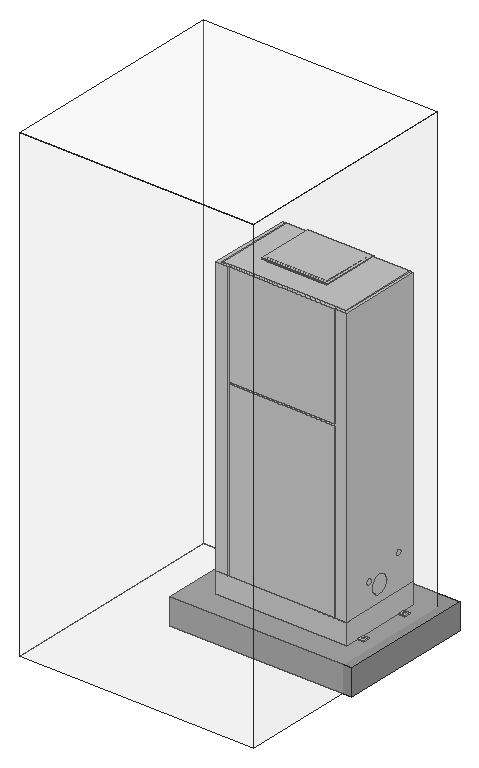
Revit family "pfav-p80_1600dmj1_50Hz.", category 機械設備, Revit 2019
Family settings
  丸型コネクタ寸法 = 直径を使用
  パーツ タイプ = 標準
  OmniClass 番号 = 23.75.10.24.21.27.27
  OmniClass タイトル = Split System Air Conditioning Units
  作業面ベース = いいえ
  常に垂直 = はい
  ロード時にボイドで切り取り = いいえ
  共有 = いいえ
  部屋計算ポイント = いいえ
Parameters (values of type "PFAV-P80DMJ1")
  風量（m3／min） = 27
  風量 = MAX風量  # 1620.0 m³/h
  音響パワーレベル(dB) = 61
  電源種別 = ""
  電圧_電気ヒーター = 0 V
  電圧 = 200 V
  電動機出力_送風機 = 1200 W
  電動機出力_圧縮機 = 0 W
  運転質量 = 0.00 kg
  連動 = ""
  質量 = if(製品質量 > 運転質量, 製品質量, 運転質量) * 1.2  # 145.20 kg
  負荷分類 = 3_ファン類
  説明 = "設備用パッケージエアコン 空冷床置形・冷暖兼用 ファシレアＤＤ"
  設計暖房能力 [instance] = 0 kW
  設計冷房能力_顕熱 [instance] = 0 kW
  設計冷房能力 [instance] = 0 kW
  設置方法 = "床置形"
  記号 [instance] = ""
  製造元 = "三菱電機株式会社"
  製品質量 = 121.00 kg
  製品出荷対象 = "国内"
  製品リリース年月 = "2017年4月18日"
  製品グループ = ""
  系統 [instance] = ""
  符号 = "PAC-FRV(J)"
  積算_科目 = "1 空気調和設備"
  積算_拾い区分 [instance] = ""
  相_電気ヒーター = 1
  相 = 3
  盤記号 [instance] = ""
  発停方法 = ""
  特殊仕様 [instance] = ""
  火災停止 = ""
  消費電力_電気ヒーター = 0 W
  消費電力_暖房 = 150 W
  消費電力_加湿器 = 0 W
  消費電力_冷房 = 150 W
  消費電力 = if(消費電力_冷房 > 消費電力_暖房, 消費電力_冷房, 消費電力_暖房) + 消費電力_加湿器 + 消費電力_電気ヒーター  # 150 W
  法定耐用年数 = "15"
  機械基礎質量 [instance] = 0.00 kg
  機械基礎_W = 0 mm
  機械基礎_H = 0 mm
  機械基礎_D = 0 mm
  機械基礎 [instance] = no
  機外静圧 = 30.0 Pa
  極数 = 3
  材質 [instance] = ""
  本体マテリアル = none
  有効加湿量 = 0
  最小電線太さ_mm2 = 1.6
  最大電流値 = 5 A
  暖房能力 = 8 kW
  推奨ブレーカー容量 = 15 A
  形式_加湿器 = ""
  形式 = "床置（露出）立形"
  形名 = PFAV-P-DMJ : PFAV-P80DMJ1
  幹線記号 [instance] = ""
  始動方式 = "直入"
  呼称 = "パッケージ形空気調和機_室内機"
  周波数 = 50 Hz
  台数_手元リモコン [instance] = ""
  台数_冷媒分岐ユニット [instance] = ""
  参照している仕様書等のバージョン = "公共建築工事標準仕様書（機械設備工事編）平成31年度版"
  加湿給水管径 = 27.00 mm
  分類コード = "50053003023020"
  分類グループ = ""
  冷房能力 = 7.1 kW
  冷媒高低圧ガス管径 = 0.00 mm
  冷媒管径符号 = "Bd"
  冷媒管径 = 100.00 mm
  冷媒液管径 = 9.52 mm
  冷媒ガス管径 = 15.88 mm
  価格 = 0
  企業コード = "108420"
  付属品_フィルター = ""
  付属品 [instance] = ""
  仕様書バージョン = "Version1.0"
  モデル = "PFAV-P80DMJ1"
  ドレン管径 = 34.00 mm
  ダクト高 = 334 mm
  ダクト幅 = 383 mm
  サービススペース = yes
  コメント [instance] = ""
  Keynote = ""
  Width = 760 mm
  Version = ""
  Uniclass2015Version = "Systems v1.9"
  Uniclass2015Title = "Split coil remote air cooled condensing units"
  Uniclass2015Code = "Pr_70_65_03_84"
  URL = "https://www.mitsubishielectric.co.jp/ldg/wink/ssl/displayProduct.do?pid=278603"
  S寸法 = 150 mm
  SpecificationReference = ""
  SpecificationDescription = ""
  Revision = ""
  ProductInformation = ""
  OmniClassCode = "23-33 17 13 11"
  MAX風量 = 風量（m3／min） * 60.0 m³/h  # 1620.0 m³/h
  IfcTypeProduct = ""
  IfcProduct = ""
  IfcExportType = "AIRCONDITIONINGUNIT"
  IfcExportAs = "IfcUnitaryEquipmentType"
  Height = 1730 mm
  Depth = 485 mm
  Clearance Top = 1000 mm
  Clearance Right = 100 mm
  Clearance Left = 500 mm
  Clearance Front = 800 mm
  Clearance Back = 50 mm
  COP = 0
  Author = "三菱電機株式会社"
  APF = 0
Types (11, lengths in mm): name | 風量（m3／min） | 風量 | 音響パワーレベル(dB) | 電動機出力_送風機 | 質量 | 製品質量 | 消費電力_暖房 | 消費電力_冷房 | 消費電力 | 最小電線太さ_mm2 | 最大電流値 | 暖房能力 | 推奨ブレーカー容量 | 形名 | 冷房能力 | 冷媒管径符号 | 冷媒液管径 | 冷媒ガス管径 | モデル | ドレン管径 | ダクト高 | ダクト幅 | Width | URL | MAX風量 | Height | Depth | Clearance Left | Clearance Front
  PFAV-P80DMJ1 | 27 | 1620.0 m³/h | 61 | 1200 W | 145.20 kg | 121.00 kg | 150 W | 150 W | 150 W | 1.6 | 5 A | 8 kW | 15 A | PFAV-P-DMJ : PFAV-P80DMJ1 | 7.1 kW | "Bd" | 9.52 | 15.88 | "PFAV-P80DMJ1" | 34.00 | 334 | 383 | 760 | "https://www.mitsubishielectric.co.jp/ldg/wink/ssl/displayProduct.do?pid=278603" | 1620.0 m³/h | 1730 | 485 | 500 | 800
  PFAV-P280DMJ1 | 90 | 5400.0 m³/h | 76 | 1200 W | 168.00 kg | 140.00 kg | 1150 W | 1150 W | 1150 W | 1.6 | 5.8 A | 28 kW | 15 A | PFAV-P-DMJ : PFAV-P280DMJ1 | 25 kW | "Bf" | 9.52 | 22.20 | "PFAV-P280DMJ1" | 34.00 | 334 | 715 | 980 | "https://www.mitsubishielectric.co.jp/ldg/wink/ssl/displayProduct.do?pid=278614" | 5400.0 m³/h | 1730 | 485 | 500 | 800
  PFAV-P450DMJ1 | 140 | 8400.0 m³/h | 75 | 2400 W | 288.00 kg | 240.00 kg | 1310 W | 1310 W | 1310 W | 1.6 | 9.7 A | 45 kW | 15 A | PFAV-P-DMJ : PFAV-P450DMJ1 | 40 kW | "Dh" | 15.88 | 28.58 | "PFAV-P450DMJ1" | 34.00 | 489 | 1046 | 1200 | "https://www.mitsubishielectric.co.jp/ldg/wink/ssl/displayProduct.do?pid=278602" | 8400.0 m³/h | 1897 | 635 | 100 | 1000
  PFAV-P140DMJ1 | 45 | 2700.0 m³/h | 68 | 1200 W | 163.20 kg | 136.00 kg | 410 W | 410 W | 410 W | 1.6 | 5 A | 14 kW | 15 A | PFAV-P-DMJ : PFAV-P140DMJ1 | 12.5 kW | "Bd" | 9.52 | 15.88 | "PFAV-P140DMJ1" | 34.00 | 334 | 383 | 760 | "https://www.mitsubishielectric.co.jp/ldg/wink/ssl/displayProduct.do?pid=278604" | 2700.0 m³/h | 1730 | 485 | 500 | 800
  PFAV-P224DMJ1 | 65 | 3900.0 m³/h | 68 | 1200 W | 163.20 kg | 136.00 kg | 510 W | 510 W | 510 W | 1.6 | 5.8 A | 22.4 kW | 15 A | PFAV-P-DMJ : PFAV-P224DMJ1 | 20 kW | "Be" | 9.52 | 19.05 | "PFAV-P224DMJ1" | 34.00 | 334 | 715 | 980 | "https://www.mitsubishielectric.co.jp/ldg/wink/ssl/displayProduct.do?pid=278605" | 3900.0 m³/h | 1730 | 485 | 500 | 800
  PFAV-P560DMJ1 | 165 | 9900.0 m³/h | 78 | 2400 W | 288.00 kg | 240.00 kg | 1690 W | 1690 W | 1690 W | 1.6 | 9.7 A | 56 kW | 15 A | PFAV-P-DMJ : PFAV-P560DMJ1 | 50 kW | "Dh" | 15.88 | 28.58 | "PFAV-P560DMJ1" | 34.00 | 489 | 1046 | 1200 | "https://www.mitsubishielectric.co.jp/ldg/wink/ssl/displayProduct.do?pid=278590" | 9900.0 m³/h | 1897 | 635 | 100 | 1000
  PFAV-P670DMJ1 | 210 | 12600.0 m³/h | 77 | 7500 W | 501.60 kg | 418.00 kg | 2140 W | 2140 W | 2140 W | 5.5 | 21 A | 63 kW | 40 A | PFAV-P-DMJ : PFAV-P670DMJ1 | 63 kW | "Dh" | 15.88 | 28.58 | "PFAV-P670DMJ1" | 42.70 | 484 | 677 | 1750 | "https://www.mitsubishielectric.co.jp/ldg/wink/ssl/displayProduct.do?pid=278616" | 12600.0 m³/h | 1830 | 1064 | 100 | 1000
  PFAV-P800DMJ1 | 260 | 15600.0 m³/h | 82 | 7500 W | 508.80 kg | 424.00 kg | 3640 W | 3640 W | 3640 W | 5.5 | 21 A | 80 kW | 40 A | PFAV-P-DMJ : PFAV-P800DMJ1 | 71 kW | "Ei" | 19.05 | 31.75 | "PFAV-P800DMJ1" | 42.70 | 484 | 677 | 1750 | "https://www.mitsubishielectric.co.jp/ldg/wink/ssl/displayProduct.do?pid=278592" | 15600.0 m³/h | 1830 | 1064 | 100 | 1000
  PFAV-P1120DMJ1 | 340 | 20400.0 m³/h | 85 | 11000 W | 567.60 kg | 473.00 kg | 5960 W | 5960 W | 5960 W | 8 | 32.4 A | 112 kW | 50 A | PFAV-P-DMJ : PFAV-P1120DMJ1 | 100 kW | "Ek" | 19.05 | 38.10 | "PFAV-P1120DMJ1" | 42.70 | 484 | 677 | 1750 | "https://www.mitsubishielectric.co.jp/ldg/wink/ssl/displayProduct.do?pid=278593" | 20400.0 m³/h | 1830 | 1064 | 100 | 1000
  PFAV-P1400DMJ1 | 450 | 27000.0 m³/h | 77 | 15000 W | 778.80 kg | 649.00 kg | 6090 W | 6090 W | 6090 W | 14 | 42 A | 140 kW | 75 A | PFAV-P-DMJ : PFAV-P1400DMJ1 | 122 kW | "Ek" | 19.05 | 38.10 | "PFAV-P1400DMJ1" | 42.70 | 520 | 1806 | 2045 | "https://www.mitsubishielectric.co.jp/ldg/wink/ssl/displayProduct.do?pid=278594" | 27000.0 m³/h | 1830 | 1064 | 100 | 1000
  PFAV-P1600DMJ1 | 520 | 31200.0 m³/h | 79 | 22000 W | 866.40 kg | 722.00 kg | 8420 W | 8420 W | 8420 W | 22 | 64.8 A | 160 kW | 75 A | PFAV-P-DMJ : PFAV-P1600DMJ1 | 140 kW | "Ei" | 19.05 | 31.75 | "PFAV-P1600DMJ1" | 42.70 | 520 | 1806 | 2045 | "https://www.mitsubishielectric.co.jp/ldg/wink/ssl/displayProduct.do?pid=278595" | 31200.0 m³/h | 1830 | 1064 | 100 | 1000
Reference planes
  plane 1: z = 0
  plane 2: z = 1730
  plane 3: z = 0
  plane 4: z = 2730
  plane 5 "中心(正面/背面)": y = -242.5
  plane 6 "中心(左/右)": x = 0
  plane 7 "左": x = -380
  plane 8 "右": x = 380
  plane 9 "正面": y = -485
  plane 10 "背面": y = 0
  plane 11: y = 150
  plane 12: x = -530
  plane 13: y = -635
  plane 14: y = 50
  plane 15: y = -1285
  plane 16: x = -880
  plane 17: x = 480
  plane 18: x = 530
Dimensions and locks
  "Height": plane 2 to plane 3
  "Clearance Top": plane 4 to plane 2
  "機械基礎_H": plane 3 to plane 1
  equal spacing: plane 7 "左", plane 6 "中心(左/右)", plane 8 "右"
  "Width": plane 7 "左" to plane 8 "右"
  equal spacing: plane 9 "正面", plane 5 "中心(正面/背面)", plane 10 "背面"
  "Depth": plane 9 "正面" to plane 10 "背面"
  "S寸法": plane 10 "背面" to plane 11
  "S寸法": plane 13 to plane 9 "正面"
  "S寸法": plane 12 to plane 7 "左"
  "Clearance Left": plane 16 to plane 7 "左"
  "Clearance Right": plane 8 "右" to plane 17
  "Clearance Front": plane 15 to plane 9 "正面"
  "Clearance Back": plane 10 "背面" to plane 14
  "S寸法": plane 8 "右" to plane 18
  aligned and locked: level to plane 1
  aligned and locked: plane 13 to nested 1
  aligned and locked: plane 12 to nested 1
  aligned and locked: plane 11 to nested 1
  aligned and locked: plane 17 to nested 2
  aligned and locked: plane 15 to nested 2
  aligned and locked: nested 2 to plane 16
  aligned and locked: nested 2 to plane 14
  aligned and locked: plane 18 to nested 1
  aligned and locked: plane 4 to nested 2
  aligned and locked: plane 6 "中心(左/右)" to nested 3
  aligned and locked: plane 5 "中心(正面/背面)" to nested 3
Nested families
  nested 1: "機械基礎" at (0, -242.5, 0), type "機械基礎", detail levels fine
    with 機械基礎質量 184.68 kg, 機械基礎_W 1060 mm, 機械基礎_H 150 mm, 機械基礎_D 785 mm
  nested 2: "サービススペース(PFAV-P-DMJ)" at (-200, -617.5, 1365), visible <- "サービススペース", type "サービススペース(PFAV-P-DMJ)"
    with Width 1360 mm, Height 2730 mm, Depth 1335 mm
  nested 3: "PFAV-P-DMJ" at (0, -242.5, 150), type <- "形名", マテリアル1 <- "本体マテリアル", type "PFAV-P80DMJ1"
    with 表示 yes, マテリアル2 none, マテリアル1 none
Connectors
  hvac at (-27.5, -186, 1900), driven by "ダクト幅", driven by "ダクト高", driven by "機外静圧", driven by "風量"
    settings: on nested 3, index 1, duct flow 1620.0 m³/h, flow factor 0, pres drop 30.0 Pa, loss coef 0, conn angle 0.00°, conn width 334 mm, conn height 383 mm, conn diameter 609.6 mm, duct sys type 1, conn prof type 1, flow config 1, flow direction 2, loss method 4, conn ref index -1, conn util no, is conn primary yes, conn desc ""
  piping at (383, -249, 367), diameter 100, driven by "冷媒管径", driven by "冷媒管径符号"
    settings: on nested 3, index 2, connector inside diameter 609.60 mm, connector length 0 mm, flow factor 0, pipe flow 0.0 L/s, pressure drop 0.0 Pa, fitting loss kfactor 0, connector angle 0.00°, fixture units 0, engagement length 0 mm, angle of deflection 0.00°, flow configuration 1, flow direction 1, fitting loss method 4, system type 7, joint type 0, gender type 0, connector reference index -1, connector utility 0, adjustable connector no, is connector primary yes, connector description "Bd"
  electrical at (383, -326, 412), driven by "極数", driven by "負荷分類", driven by "電圧", driven by "消費電力"
    settings: on nested 3, index 3, voltage 200 V, apparent load 150 VA, apparent load phase1 0 VA, apparent load phase2 0 VA, apparent load phase3 0 VA, power factor 1, load classification "3_ファン類", number of poles 3, system type 30, power factor state 1, is connector primary yes, connector utility no, sub classification motor no, connector description ""
  piping at (383, -111, 472), diameter 27, driven by "加湿給水管径"
    settings: on nested 3, index 4, connector inside diameter 609.60 mm, connector length 0 mm, flow factor 0, pipe flow 0.0 L/s, pressure drop 0.0 Pa, fitting loss kfactor 0, connector angle 0.00°, fixture units 0, engagement length 0 mm, angle of deflection 0.00°, flow configuration 1, flow direction 1, fitting loss method 4, system type 20, joint type 0, gender type 0, connector reference index -1, connector utility 0, adjustable connector no, is connector primary no, connector description ""
Definition of nested family "機械基礎"
  Parameters (values of type "機械基礎")
    機械基礎質量 [instance] = 0.00 kg
    機械基礎_W [instance] = 1300 mm
    機械基礎_H [instance] = 150 mm
    機械基礎_D [instance] = 1300 mm
  Reference planes
    plane 1 "中心(正面/背面)": y = 0
    plane 2: z = 0
    plane 3 "中心(左/右)": x = 0
    plane 4: x = -650
    plane 5: y = -650
    plane 6: x = 650
    plane 7: y = 650
    plane 8: z = 150
  Forms (mm)
    Extrusion 1, solid, detail levels fine
      sketch origin (0, 0, 0) x (1, 0, 0) y (0, 1, 0)
        loop
          line (-650, -650) -> (650, -650) -> (650, 650) -> (-650, 650) -> (-650, -650)
      from 0 to 150
  Lines and regions (mm)
    symbolic lines, detail levels fine
      curve 1: line (-650, 650, 0) -> (650, 650, 0)
      curve 2: line (-650, -650, 0) -> (-650, 650, 0)
      curve 3: line (650, -650, 0) -> (-650, -650, 0)
      curve 4: line (650, 650, 0) -> (650, -650, 0)
    symbolic lines
      curve 5: line (-650, 0, 150) -> (650, 0, 150)
      curve 6: line (-650, 0, 0) -> (-650, 0, 150)
      curve 7: line (650, 0, 0) -> (-650, 0, 0)
      curve 8: line (650, 0, 150) -> (650, 0, 0)
      curve 9: line (0, -650, 150) -> (0, 650, 150)
      curve 10: line (0, -650, 0) -> (0, -650, 150)
      curve 11: line (0, 650, 0) -> (0, -650, 0)
      curve 12: line (0, 650, 150) -> (0, 650, 0)
  Dimensions and locks
    "機械基礎_H": plane 8 to plane 2
    "機械基礎_W": plane 4 to plane 6
    "機械基礎_D": plane 5 to plane 7
    equal spacing: plane 5, plane 1 "中心(正面/背面)", plane 7
    equal spacing: plane 4, plane 3 "中心(左/右)", plane 6
    aligned and locked: plane 6 to Extrusion 1
    aligned and locked: Extrusion 1 to plane 4
    aligned and locked: Extrusion 1 to plane 7
    aligned and locked: Extrusion 1 to plane 5
    aligned and locked: plane 8 to Extrusion 1
    aligned and locked: curve 1 to Extrusion 1
    aligned and locked: curve 2 to Extrusion 1
    aligned and locked: curve 3 to Extrusion 1
    aligned and locked: curve 4 to Extrusion 1
    aligned and locked: curve 5 to Extrusion 1
    aligned and locked: curve 6 to Extrusion 1
    aligned and locked: curve 7 to Extrusion 1
    aligned and locked: curve 8 to Extrusion 1
    aligned and locked: curve 9 to Extrusion 1
    aligned and locked: curve 10 to Extrusion 1
    aligned and locked: curve 11 to Extrusion 1
    aligned and locked: curve 12 to Extrusion 1
  Automatic sketch dimensions
    Extrusion 1 sketch curve to plane 4 = 0 mm
    Extrusion 1 sketch curve to plane 6 = 0 mm
    plane 5 to Extrusion 1 sketch curve = 0 mm
    plane 7 to Extrusion 1 sketch curve = 0 mm
Definition of nested family "サービススペース(PFAV-P-DMJ)"
  Parameters (values of type "サービススペース")
    Width [instance] = 500 mm
    Height [instance] = 500 mm
    Depth [instance] = 500 mm
  Reference planes
    plane 1 "中心(正面/背面)": y = 0
    plane 2: z = 0
    plane 3 "中心(左/右)": x = 0
    plane 4: y = -250
    plane 5: x = 250
    plane 6: y = 250
    plane 7: x = -250
    plane 8: z = 250
    plane 9: z = -250
  Forms (mm)
    Extrusion 1, solid
      sketch origin (-638.939, 0, 72.39) x (1, 0, 0) y (0, 1, 0)
        loop
          line (388.939, 250) -> (388.939, -250) -> (888.939, -250) -> (888.939, 250) -> (388.939, 250)
      from -322.39 to 177.61
  Lines and regions (mm)
    symbolic lines
      curve 1: line (-250, 0, 250) -> (250, 0, 250)
      curve 2: line (-250, 0, -250) -> (-250, 0, 250)
      curve 3: line (250, 0, -250) -> (-250, 0, -250)
      curve 4: line (250, 0, 250) -> (250, 0, -250)
      curve 5: line (0, -250, 250) -> (0, 250, 250)
      curve 6: line (0, -250, -250) -> (0, -250, 250)
      curve 7: line (0, 250, -250) -> (0, -250, -250)
      curve 8: line (0, 250, 250) -> (0, 250, -250)
      curve 9: line (-250, 250, 0) -> (250, 250, 0)
      curve 10: line (-250, -250, 0) -> (-250, 250, 0)
      curve 11: line (250, -250, 0) -> (-250, -250, 0)
      curve 12: line (250, 250, 0) -> (250, -250, 0)
  Dimensions and locks
    equal spacing: plane 7, plane 3 "中心(左/右)", plane 5
    equal spacing: plane 4, plane 1 "中心(正面/背面)", plane 6
    "Depth": plane 4 to plane 6
    "Width": plane 7 to plane 5
    equal spacing: plane 8, plane 2, plane 9
    "Height": plane 8 to plane 9
    aligned and locked: plane 9 to curve 3
    aligned and locked: plane 7 to curve 2
    aligned and locked: curve 4 to plane 5
    aligned and locked: plane 5 to Extrusion 1
    aligned and locked: Extrusion 1 to plane 7
    aligned and locked: Extrusion 1 to plane 9
    aligned and locked: plane 8 to Extrusion 1
    aligned and locked: plane 9 to curve 7
  Automatic sketch dimensions
    plane 4 to Extrusion 1 sketch curve = 0 mm
    Extrusion 1 sketch curve to plane 7 = 0 mm
    Extrusion 1 sketch curve to plane 5 = 0 mm
    plane 6 to Extrusion 1 sketch curve = 0 mm
    curve 2 to plane 8 = 0 mm
    plane 4 to curve 11 = 0 mm
    curve 11 to plane 7 = 0 mm
    curve 11 to plane 5 = 0 mm
    plane 6 to curve 10 = 0 mm
    curve 7 to plane 4 = 0 mm
    curve 7 to plane 6 = 0 mm
    curve 6 to plane 8 = 0 mm
Definition of nested family "PFAV-P-DMJ"
  Parameters (values of type "PFAV-P80DMJ1")
    液径 = 9.52 mm
    液-W = 0 mm
    液-H = 172 mm
    液-D = 249 mm
    ドレン② = no
    ドレン① = yes
    ①高 = 1730 mm
    電源径 = 27 mm
    電源-W = 0 mm
    電源-H = 262 mm
    電源-D = 326 mm
    表示 [instance] = yes
    ①幅 = 760 mm
    ①奥行 = 485 mm
    吊りボルト径 = 12 mm
    吊りボルト-W = 806 mm
    吊りボルト-D = 300 mm
    吊りボルト-H = 0 mm
    加湿給水管径 = 27 mm
    加湿給水-W = 0 mm
    加湿給水-H = 322 mm
    加湿給水-D = 111 mm
    冷媒径 = 100 mm
    ガス径 = 15.88 mm
    ガス-W = 0 mm
    ガス-H = 262 mm
    ガス-D = 249 mm
    マテリアル2 [instance] = none
    マテリアル1 [instance] = none
    ドレン径 = 34 mm
    ドレン-W = 200 mm
    ドレン-H = 54 mm
    ドレン-D = 240 mm
    w = 343 mm
    h = 20 mm
    e = 600 mm
    c = 10 mm
    d = 294 mm
    b = 216 mm
    a = 19 mm
  Types (11, lengths in mm): name | 液径 | 液-H | 液-D | ドレン② | ドレン① | ①高 | 電源-H | 電源-D | ①幅 | ①奥行 | 吊りボルト-W | 吊りボルト-D | 加湿給水-H | 加湿給水-D | ガス径 | ガス-H | ガス-D | ドレン-W | ドレン-H | ドレン-D | w | h | c | d | b | a
    PFAV-P80DMJ1 | 9.52 | 172 | 249 | no | yes | 1730 | 262 | 326 | 760 | 485 | 806 | 300 | 322 | 111 | 15.88 | 262 | 249 | 200 | 54 | 240 | 343 | 20 | 10 | 294 | 216 | 19
    PFAV-P140DMJ1 | 9.52 | 172 | 249 | no | yes | 1730 | 262 | 326 | 760 | 485 | 806 | 300 | 322 | 111 | 15.88 | 262 | 249 | 200 | 54 | 240 | 343 | 20 | 10 | 294 | 216 | 19
    PFAV-P224DMJ1 | 9.52 | 172 | 249 | no | yes | 1730 | 262 | 326 | 980 | 485 | 1026 | 300 | 322 | 111 | 19.05 | 262 | 249 | 200 | 54 | 240 | 675 | 20 | 10 | 294 | 171 | 22
    PFAV-P280DMJ1 | 9.52 | 172 | 249 | no | yes | 1730 | 262 | 326 | 980 | 485 | 1026 | 300 | 322 | 111 | 19.05 | 262 | 249 | 200 | 54 | 240 | 675 | 20 | 10 | 294 | 171 | 22
    PFAV-P450DMJ1 | 12.7 | 203 | 254 | no | yes | 1897 | 249 | 475 | 1200 | 635 | 1246 | 440 | 249 | 321 | 28.58 | 209 | 128 | 200 | 64 | 314 | 1006 | 3 | 10 | 449 | 77 | 24
    PFAV-P560DMJ1 | 12.7 | 203 | 254 | no | yes | 1897 | 249 | 475 | 1200 | 635 | 1246 | 440 | 249 | 321 | 28.58 | 209 | 128 | 200 | 64 | 314 | 1006 | 3 | 10 | 449 | 77 | 24
    PFAV-P670DMJ1 | 15.88 | 255 | 408 | yes | no | 1830 | 249 | 475 | 1750 | 1064 | 1806 | 931 | 260 | 649 | 28.58 | 215 | 313 | 875 | 40 | 314 | 637 | 30 | 3 | 444 | 77 | 24
    PFAV-P800DMJ1 | 19.05 | 255 | 408 | yes | no | 1830 | 249 | 475 | 1750 | 1064 | 1806 | 931 | 260 | 649 | 31.75 | 215 | 313 | 875 | 40 | 314 | 637 | 30 | 3 | 444 | 77 | 24
    PFAV-P1120DMJ1 | 19.05 | 255 | 408 | yes | no | 1830 | 249 | 475 | 1750 | 1064 | 1806 | 931 | 260 | 649 | 38.1 | 215 | 313 | 875 | 40 | 314 | 637 | 30 | 3 | 444 | 77 | 24
    PFAV-P1400DMJ1 | 19.05 | 255 | 218 | yes | no | 1830 | 249 | 475 | 2045 | 1064 | 2101 | 931 | 260 | 649 | 38.1 | 245 | 123 | 1023 | 40 | 314 | 1766 | 30 | 3 | 480 | 77 | 24
    PFAV-P1600DMJ1 | 19.05 | 255 | 218 | yes | no | 1830 | 249 | 475 | 2045 | 1064 | 2101 | 931 | 260 | 649 | 31.75 | 245 | 123 | 1023 | 40 | 314 | 1766 | 30 | 3 | 480 | 77 | 24
  Reference planes
    plane 1 "中心(正面/背面)": y = 0
    plane 2: z = 0
    plane 3 "中心(左/右)": x = 0
    plane 4: x = 380
    plane 5: x = -380
    plane 6: y = 242.5
    plane 7: y = -242.5
    plane 8: z = 1750
    plane 9: z = 1130
    plane 10: z = 1730
    plane 11: z = 120
    plane 12: y = 150
    plane 13: y = -150
    plane 14: x = 403
    plane 15: x = -403
    plane 16: y = 223.5
    plane 17: y = -162.5
    plane 18: z = 54
    plane 19: z = 262
    plane 20: y = -6.5
    plane 21: z = 172
    plane 22: z = 262
    plane 23: z = 1748
    plane 24: y = -6.5
    plane 25: x = 360
    plane 26: x = -360
    plane 27: z = 1120
    plane 28: y = -222.5
    plane 29: x = -310
    plane 30: x = 310
    plane 31: y = -239.5
    plane 32: x = 420
    plane 33: x = -420
    plane 34: y = 170
    plane 35: y = 130
    plane 36: y = -130
    plane 37: y = -170
    plane 38: y = 203.5
    plane 39: z = 5
    plane 40: x = 164
    plane 41: x = 144
    plane 42: x = -199
    plane 43: x = -219
    plane 44: y = -110.5
    plane 45: y = -90.5
    plane 46: y = 2.5
    plane 47: y = -83.5
    plane 48: x = 383
    plane 49: y = -6.5
    plane 50: z = 217
    plane 51: y = 131.5
    plane 52: z = 322
    plane 53: x = -381
    plane 54: y = 243.5
    plane 55: x = 180
  Forms (mm)
    Extrusion 1, solid, material <- "マテリアル1", visible <- "表示", detail levels fine
      sketch origin (0, 0, -400) x (1, 0, 0) y (0, 1, 0)
        loop
          line (310, -222.5) -> (-310, -222.5) -> (-310, -239.5) -> (310, -239.5) -> (310, -222.5)
      from 1530 to 2130
    Extrusion 2, solid, material <- "マテリアル1", visible <- "表示", detail levels fine
      sketch origin (0, 0, -800) x (1, 0, 0) y (0, 1, 0)
        loop
          line (-310, -239.5) -> (310, -239.5) -> (310, -222.5) -> (-310, -222.5) -> (-310, -239.5)
      from 920 to 1920
    Extrusion 3, solid, material <- "マテリアル2", visible <- "表示", detail levels fine
      sketch origin (0, 0, 0) x (1, 0, 0) y (0, 1, 0)
        loop
          line (380, 170) -> (380, 130) -> (420, 130) -> (420, 170) -> (380, 170)
        loop
          line (380, -130) -> (380, -170) -> (420, -170) -> (420, -130) -> (380, -130)
        loop
          line (-420, 170) -> (-420, 130) -> (-380, 130) -> (-380, 170) -> (-420, 170)
        loop
          line (-420, -130) -> (-420, -170) -> (-380, -170) -> (-380, -130) -> (-420, -130)
        loop
          circle (-403, 150) r 6
        loop
          circle (403, 150) r 6
        loop
          circle (403, -150) r 6
        loop
          circle (-403, -150) r 6
      from 0 to 5
    Extrusion 4, solid, material <- "マテリアル2", visible <- "表示", detail levels fine
      sketch origin (0, -1140, 0) x (0, -1, 0) y (1, 0, 0)
        loop
          line (-1343.5, 144) -> (-1343.5, -199) -> (-1049.5, -199) -> (-1049.5, 144) -> (-1343.5, 144)
      from 1730 to 1748
    Extrusion 5, solid, material <- "マテリアル2", visible <- "表示", detail levels fine
      sketch origin (0, -1140, -430) x (0, -1, 0) y (1, 0, 0)
        loop
          line (-1363.5, 164) -> (-1363.5, -219) -> (-1029.5, -219) -> (-1029.5, 164) -> (-1363.5, 164)
      from 2178 to 2180
    Extrusion 6, solid, material <- "マテリアル1", visible <- "表示", detail levels fine
      sketch origin (-1437.329, -1524, 1750) x (-1, 0, 0) y (0, -1, 0)
        loop
          line (-1057.329, -1766.5) -> (-1057.329, -1281.5) -> (-1127.329, -1281.5) -> (-1127.329, -1301.5) -> (-1077.329, -1301.5) -> (-1077.329, -1766.5) -> (-1057.329, -1766.5)
        loop
          line (-1797.329, -1766.5) -> (-1797.329, -1301.5) -> (-1747.329, -1301.5) -> (-1747.329, -1281.5) -> (-1817.329, -1281.5) -> (-1817.329, -1766.5) -> (-1797.329, -1766.5)
      from -1630 to -20
    Extrusion 7, solid, material <- "マテリアル1", visible <- "表示", detail levels fine
      sketch origin (-1437.329, -1524, 1750) x (-1, 0, 0) y (0, -1, 0)
        loop
          line (-1797.329, -1766.5) -> (-1077.329, -1766.5) -> (-1077.329, -1301.5) -> (-1797.329, -1301.5) -> (-1797.329, -1766.5)
      from -1630 to -20
    Extrusion 8, solid, material <- "マテリアル2", visible <- "表示", detail levels fine
      sketch origin (-1437.329, -1524, 1750) x (-1, 0, 0) y (0, -1, 0)
        loop
          line (-1057.329, -1766.5) -> (-1057.329, -1281.5) -> (-1817.329, -1281.5) -> (-1817.329, -1766.5) -> (-1057.329, -1766.5)
      from -1750 to -1630
    Extrusion 9, solid, material <- "マテリアル2", visible <- "表示", detail levels fine
      sketch origin (380, 1296.25, 1200) x (0, 1, 0) y (0, 0, 1)
        loop
          circle (-1379.75, -938) r 13.5
        loop
          circle (-1164.75, -878) r 13.5
      from 0 to 3
    Extrusion 10, solid, material <- "マテリアル1", visible <- "表示", detail levels fine
      sketch origin (380, 1296.25, 1200) x (0, 1, 0) y (0, 0, 1)
        loop
          circle (-1302.75, -983) r 50
      from 0 to 3
    Extrusion 11, solid, material <- "マテリアル1", visible <- "ドレン①", detail levels fine
      sketch origin (-380, 1296.25, 1200) x (0, 1, 0) y (0, 0, 1)
        loop
          circle (-1293.75, -1146) r 17
      from -1 to 0
    Extrusion 12, solid, material <- "マテリアル1", visible <- "ドレン②", detail levels fine
      sketch origin (1480.036, -239.5, 2000) x (1, 0, 0) y (0, 0, 1)
        loop
          circle (-1300.036, -1946) r 17
      from -483 to -482
  Lines and regions (mm)
    Masking region 1, visible <- "表示", detail levels coarse+medium
      outline origin (0, 0, 0) x (1, 0, 0) y (0, 1, 0)
        loop
          line (-380, 242.5) -> (-380, -242.5) -> (380, -242.5) -> (380, 242.5) -> (-380, 242.5)
    symbolic lines, visible <- "表示"
      curve 1: line (-380, 242.5, 1750) -> (-380, -242.5, 1750)
      curve 2: line (-380, -242.5, 1750) -> (380, -242.5, 1750)
      curve 3: line (380, -242.5, 1750) -> (380, 242.5, 1750)
      curve 4: line (380, 242.5, 1750) -> (-380, 242.5, 1750)
      curve 5: line (-219, 223.5, 1750) -> (-219, -110.5, 1750)
      curve 6: line (-219, -110.5, 1750) -> (164, -110.5, 1750)
      curve 7: line (164, -110.5, 1750) -> (164, 223.5, 1750)
      curve 8: line (164, 223.5, 1750) -> (-219, 223.5, 1750)
  Dimensions and locks
    equal spacing: plane 7, plane 1 "中心(正面/背面)", plane 6
    "①奥行": plane 7 to plane 6
    equal spacing: plane 5, plane 3 "中心(左/右)", plane 4
    "①幅": plane 5 to plane 4
    locked: plane 11 to level at 120
    equal spacing: plane 13, plane 1 "中心(正面/背面)", plane 12
    "吊りボルト-D": plane 13 to plane 12
    equal spacing: plane 15, plane 3 "中心(左/右)", plane 14
    "吊りボルト-W": plane 15 to plane 14
    "a": plane 16 to plane 6
    locked: plane 7 to plane 17 at 80
    "ドレン-H": plane 18 to level
    "電源-H": plane 19 to level
    "液-H": plane 21 to level
    "e": plane 10 to plane 9
    "ガス-H": plane 22 to level
    "h": plane 8 to plane 10
    locked: plane 8 to plane 23 at 2
    locked: plane 5 to plane 26 at 20
    locked: plane 25 to plane 4 at 20
    "c": plane 9 to plane 27
    locked: plane 7 to plane 28 at 20
    locked: plane 26 to plane 29 at 50
    locked: plane 30 to plane 25 at 50
    locked: plane 7 to plane 31 at 3
    locked: plane 33 to plane 5 at 40
    locked: plane 4 to plane 32 at 40
    plane 37 to plane 13 to plane 36 = 20 mm locked, 20 mm locked
    plane 35 to plane 12 to plane 34 = 20 mm locked, 20 mm locked
    locked: plane 38 to plane 16 at 20
    locked: plane 39 to level at 5
    "b": plane 40 to plane 4
    locked: plane 43 to plane 42 at 20
    locked: plane 41 to plane 40 at 20
    "w": plane 42 to plane 41
    locked: plane 44 to plane 45 at 20
    "d": plane 45 to plane 38
    "①高": plane 10 to level
    "液-D": plane 20 to plane 6
    "ガス-D": plane 24 to plane 6
    "ドレン-D": plane 46 to plane 6
    "電源-D": plane 47 to plane 6
    locked: plane 4 to plane 48 at 3
    equal spacing: plane 20, plane 49, plane 24
    equal spacing: plane 22, plane 50, plane 21
    "加湿給水-D": plane 51 to plane 6
    "加湿給水-H": plane 52 to level
    locked: plane 53 to plane 5 at 1
    locked: plane 6 to plane 54 at 1
    "ドレン-W": plane 55 to plane 4
    "吊りボルト径": diameter of Extrusion 3 sketch curve  (x4)
    "電源径": diameter of Extrusion 9 sketch curve
    "冷媒径": diameter of Extrusion 10 sketch curve
    "加湿給水管径": diameter of Extrusion 9 sketch curve
    "ドレン径": diameter of Extrusion 11 sketch curve
    "ドレン径": diameter of Extrusion 12 sketch curve
    aligned and locked: level to plane 2
    aligned and locked: plane 13 to nested 1
    aligned and locked: plane 14 to nested 1
    aligned and locked: plane 15 to nested 1
    aligned and locked: nested 1 to plane 12
    aligned and locked: Extrusion 2 to plane 11
    aligned and locked: Extrusion 1 to plane 9
    aligned and locked: Extrusion 5 to plane 23
    aligned and locked: plane 8 to Extrusion 5
    aligned and locked: Extrusion 6 to plane 11
    aligned and locked: Extrusion 4 to Extrusion 5
    aligned and locked: Extrusion 4 to plane 10
    aligned and locked: plane 10 to Extrusion 6
    aligned and locked: plane 10 to Extrusion 1
    aligned and locked: plane 27 to Extrusion 2
    aligned and locked: Extrusion 2 sketch curve to plane 28
    aligned and locked: Extrusion 6 sketch curve to plane 7  (x2)
    aligned and locked: Extrusion 6 sketch curve to plane 29
    aligned and locked: Extrusion 6 sketch curve to plane 30
    aligned and locked: Extrusion 6 sketch curve to plane 25
    aligned and locked: plane 28 to Extrusion 6 sketch curve  (x2)
    aligned and locked: Extrusion 2 sketch curve to plane 29
    aligned and locked: Extrusion 2 sketch curve to plane 30
    aligned and locked: plane 31 to Extrusion 2 sketch curve
    aligned and locked: Extrusion 1 sketch curve to plane 30
    aligned and locked: Extrusion 1 sketch curve to plane 29
    aligned and locked: Extrusion 1 sketch curve to plane 28
    aligned and locked: Extrusion 1 sketch curve to plane 31
    aligned and locked: Extrusion 7 sketch curve to plane 6
    aligned and locked: Extrusion 7 sketch curve to plane 26
    aligned and locked: Extrusion 7 sketch curve to plane 28
    aligned and locked: Extrusion 7 sketch curve to plane 25
    aligned and locked: plane 10 to Extrusion 7
    aligned and locked: Extrusion 7 to plane 11
    aligned and locked: plane 34 to Extrusion 3 sketch curve  (x2)
    aligned and locked: plane 4 to Extrusion 3 sketch curve  (x2)
    aligned and locked: Extrusion 3 sketch curve to plane 35  (x2)
    aligned and locked: Extrusion 3 sketch curve to plane 32  (x2)
    aligned and locked: plane 36 to Extrusion 3 sketch curve  (x2)
    aligned and locked: Extrusion 3 sketch curve to plane 37  (x2)
    aligned and locked: plane 33 to Extrusion 3 sketch curve  (x2)
    aligned and locked: Extrusion 3 sketch curve to plane 5  (x2)
    aligned and locked: plane 12 to Extrusion 3 sketch curve  (x2)
    aligned and locked: plane 15 to Extrusion 3 sketch curve  (x2)
    aligned and locked: plane 13 to Extrusion 3 sketch curve  (x2)
    aligned and locked: plane 14 to Extrusion 3 sketch curve  (x2)
    aligned and locked: Extrusion 3 to level
    aligned and locked: plane 39 to Extrusion 3
    aligned and locked: Extrusion 8 sketch curve to Extrusion 6
    aligned and locked: Extrusion 8 sketch curve to Extrusion 7
    aligned and locked: Extrusion 8 to level
    aligned and locked: plane 11 to Extrusion 8
    aligned and locked: Extrusion 4 sketch curve to plane 38
    aligned and locked: Extrusion 4 sketch curve to plane 45
    aligned and locked: Extrusion 4 sketch curve to plane 41
    aligned and locked: Extrusion 4 sketch curve to plane 42
    aligned and locked: Extrusion 5 sketch curve to plane 40
    aligned and locked: Extrusion 5 sketch curve to plane 16
    aligned and locked: Extrusion 5 sketch curve to plane 44
    aligned and locked: Extrusion 5 sketch curve to plane 43
    aligned and locked: Masking region 1 sketch curve to Extrusion 8
    aligned and locked: Masking region 1 sketch curve to Extrusion 6
    aligned and locked: Masking region 1 sketch curve to plane 7
    aligned and locked: Masking region 1 sketch curve to plane 4
    aligned and locked: curve 1 to Masking region 1
    aligned and locked: curve 3 to Masking region 1
    aligned and locked: curve 4 to Masking region 1
    aligned and locked: curve 5 to Extrusion 5
    aligned and locked: curve 6 to Extrusion 5
    aligned and locked: curve 7 to Extrusion 5
    aligned and locked: curve 8 to Extrusion 5
    aligned and locked: plane 47 to Extrusion 9 sketch curve
    aligned and locked: plane 19 to Extrusion 9 sketch curve
    aligned and locked: Extrusion 9 to plane 4
    aligned and locked: plane 48 to Extrusion 9
    aligned and locked: plane 49 to Extrusion 10 sketch curve
    aligned and locked: plane 50 to Extrusion 10 sketch curve
    aligned and locked: Extrusion 10 to plane 4
    aligned and locked: plane 48 to Extrusion 10
    aligned and locked: plane 52 to Extrusion 9 sketch curve
    aligned and locked: plane 51 to Extrusion 9 sketch curve
    aligned and locked: plane 5 to Extrusion 6 sketch curve
    aligned and locked: plane 4 to Extrusion 6 sketch curve
    aligned and locked: Extrusion 8 sketch curve to plane 7
    aligned and locked: plane 4 to Extrusion 8 sketch curve
    aligned and locked: plane 46 to Extrusion 11 sketch curve
    aligned and locked: plane 18 to Extrusion 11 sketch curve
    aligned and locked: Extrusion 11 to plane 53
    aligned and locked: plane 5 to Extrusion 11
    aligned and locked: plane 18 to Extrusion 12 sketch curve
    aligned and locked: plane 55 to Extrusion 12 sketch curve
    aligned and locked: Extrusion 12 to plane 54
    aligned and locked: plane 6 to Extrusion 12
  Automatic sketch dimensions
    Extrusion 6 sketch curve to plane 26 = 0 mm
    plane 6 to Extrusion 6 sketch curve = 0 mm  (x2)
    plane 28 to Extrusion 2 sketch curve = 0 mm
    plane 7 to curve 2 = 0 mm
  Nested families
    nested 1: "固定点" at (-403, -150, 0), visible <- "表示", type "固定点", detail levels fine
      with W 806 mm, D 300 mm, 中心円 12 mm
  Definition of nested family "固定点"
    Parameters (values of type "固定点")
      中心円 = 20 mm
      W [instance] = 1000 mm
      D [instance] = 1000 mm
    Reference planes
      plane 1 "中心(正面/背面)": y = 0
      plane 2: z = 0
      plane 3 "中心(左/右)": x = 0
      plane 4: x = 1000
      plane 5: y = 1000
    Lines and regions (mm)
      symbolic lines, detail levels fine
        curve 1: circle (0, 1000, 0) r 10 normal (0, 0, 1)
        curve 2: circle (0, 0, 0) r 10 normal (0, 0, 1)
        curve 3: circle (1000, 1000, 0) r 10 normal (0, 0, 1)
        curve 4: circle (1000, 0, 0) r 10 normal (0, 0, 1)
        curve 5: line (-200, 1000, 0) -> (1200, 1000, 0)
        curve 6: line (-200, 0, 0) -> (1200, 0, 0)
        curve 7: line (0, 1200, 0) -> (0, -200, 0)
        curve 8: line (1000, 1200, 0) -> (1000, -200, 0)
    Dimensions and locks
      "W": plane 3 "中心(左/右)" to plane 4
      "D": plane 1 "中心(正面/背面)" to plane 5
      "中心円": diameter of curve 1
      "中心円": diameter of curve 2
      "中心円": diameter of curve 3
      "中心円": diameter of curve 4
      aligned and locked: level to plane 2
      aligned and locked: plane 5 to curve 1
      aligned and locked: plane 3 "中心(左/右)" to curve 1
      aligned and locked: plane 3 "中心(左/右)" to curve 2
      aligned and locked: plane 1 "中心(正面/背面)" to curve 2
      aligned and locked: plane 4 to curve 3
      aligned and locked: plane 5 to curve 3
      aligned and locked: plane 1 "中心(正面/背面)" to curve 4
      aligned and locked: plane 4 to curve 4
      aligned and locked: plane 1 "中心(正面/背面)" to curve 6
      aligned and locked: curve 7 to plane 3 "中心(左/右)"
      aligned and locked: curve 8 to plane 4
    Automatic sketch dimensions
      curve 5 to plane 5 = 0 mm
      curve 6 to plane 3 "中心(左/右)" = 200 mm
      curve 5 to plane 3 "中心(左/右)" = 200 mm
      curve 4 to curve 6 = 200 mm
      curve 3 to curve 5 = 200 mm
      plane 1 "中心(正面/背面)" to curve 8 = 200 mm
      plane 1 "中心(正面/背面)" to curve 7 = 200 mm
      curve 3 to curve 8 = 200 mm
      curve 1 to curve 7 = 200 mm
